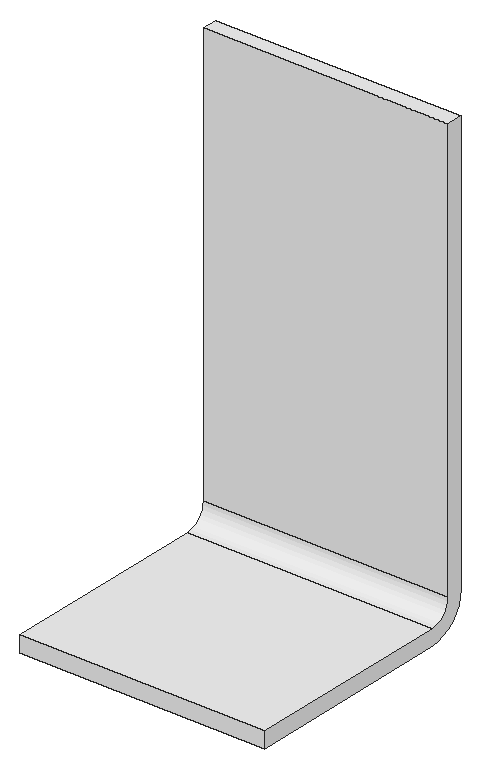
Revit family "JOMA_403, 404 & 405", category Structural Connections, host Face, Revit 2012
Parameters (values of type "4030000")
  t = 3.000 mm
  l = 48.000 mm
  h = 90.000 mm
  b = 48.000 mm
  Vinkelbeslag 405 = no
  Vinkelbeslag 404 = no
  Vinkelbeslag 403 = yes
  Vikt = "0,132"
  Typ = "VINKEL 403"
  Spikmönster Bult 45°≤α≤90° [instance] = no
  Spikmönster Bult 0°≤α≤45° [instance] = no
  Spikmönster 45°≤α≤90° [instance] = no
  Spikmönster 0°≤α≤45° [instance] = no
  Spik/skruv [instance] = "ANKARSPIK 4,0x40"
  Material = Varmförzinkad stålplåt
  Länk Joma Dimensioneringsverktyg = "http://www.joma.se/dimensioneringsverktyg"
  Default Elevation = 0.000 mm
  Bult (betong) [instance] = "BULT M12"
  Antal spik/skruv i virkesdel B [instance] = if(and(Spikmönster 0°≤α≤45°, Vinkelbeslag 403), 2, if(and(Spikmönster 45°≤α≤90°, Vinkelbeslag 403), 2, if(and(Spikmönster 0°≤α≤45°, Vinkelbeslag 404), 3, if(and(Spikmönster 45°≤α≤90°, Vinkelbeslag 404), 3, if(and(Spikmönster 0°≤α≤45°, Vinkelbeslag 405), 4, if(and(Spikmönster 45°≤α≤90°, Vinkelbeslag 405), 4, if(and(Spikmönster Bult 0°≤α≤45°, Vinkelbeslag 403), 1, if(and(Spikmönster Bult 45°≤α≤90°, Vinkelbeslag 403), 1, if(and(Spikmönster Bult 0°≤α≤45°, Vinkelbeslag 404), 1, if(and(Spikmönster Bult 45°≤α≤90°, Vinkelbeslag 404), 1, if(and(Spikmönster Bult 0°≤α≤45°, Vinkelbeslag 405), 1, if(and(Spikmönster Bult 45°≤α≤90°, Vinkelbeslag 405), 1, 0))))))))))))  # 0
  Antal spik/skruv i virkesdel A [instance] = if(and(Spikmönster 0°≤α≤45°, Vinkelbeslag 403), 4, if(and(Spikmönster 45°≤α≤90°, Vinkelbeslag 403), 2, if(and(Spikmönster 0°≤α≤45°, Vinkelbeslag 404), 6, if(and(Spikmönster 45°≤α≤90°, Vinkelbeslag 404), 4, if(and(Spikmönster 0°≤α≤45°, Vinkelbeslag 405), 10, if(and(Spikmönster 45°≤α≤90°, Vinkelbeslag 405), 6, if(and(Spikmönster Bult 0°≤α≤45°, Vinkelbeslag 403), 4, if(and(Spikmönster Bult 45°≤α≤90°, Vinkelbeslag 403), 2, if(and(Spikmönster Bult 0°≤α≤45°, Vinkelbeslag 404), 6, if(and(Spikmönster Bult 45°≤α≤90°, Vinkelbeslag 404), 4, if(and(Spikmönster Bult 0°≤α≤45°, Vinkelbeslag 405), 10, if(and(Spikmönster Bult 45°≤α≤90°, Vinkelbeslag 405), 6, 0))))))))))))  # 0
  405 Spikmönster Bult 45°≤α≤90° [instance] = and(Vinkelbeslag 405, Spikmönster Bult 45°≤α≤90°, not(or(Spikmönster 45°≤α≤90°, Spikmönster 0°≤α≤45°, Spikmönster Bult 0°≤α≤45°)))  # no
  405 Spikmönster Bult 0°≤α≤45° [instance] = and(Vinkelbeslag 405, Spikmönster Bult 0°≤α≤45°, not(or(Spikmönster 45°≤α≤90°, Spikmönster 0°≤α≤45°, Spikmönster Bult 45°≤α≤90°)))  # no
  405 Spikmönster 45°≤α≤90° [instance] = and(Vinkelbeslag 405, Spikmönster 45°≤α≤90°, not(or(Spikmönster 0°≤α≤45°, Spikmönster Bult 0°≤α≤45°, Spikmönster Bult 45°≤α≤90°)))  # no
  405 Spikmönster 0°≤α≤45° [instance] = and(Vinkelbeslag 405, Spikmönster 0°≤α≤45°, not(or(Spikmönster 45°≤α≤90°, Spikmönster Bult 0°≤α≤45°, Spikmönster Bult 45°≤α≤90°)))  # no
  404 Spikmönster Bult 45°≤α≤90° [instance] = and(Vinkelbeslag 404, Spikmönster Bult 45°≤α≤90°, not(or(Spikmönster 45°≤α≤90°, Spikmönster 0°≤α≤45°, Spikmönster Bult 0°≤α≤45°)))  # no
  404 Spikmönster Bult 0°≤α≤45° [instance] = and(Vinkelbeslag 404, Spikmönster Bult 0°≤α≤45°, not(or(Spikmönster 45°≤α≤90°, Spikmönster 0°≤α≤45°, Spikmönster Bult 45°≤α≤90°)))  # no
  404 Spikmönster 45°≤α≤90° [instance] = and(Vinkelbeslag 404, Spikmönster 45°≤α≤90°, not(or(Spikmönster 0°≤α≤45°, Spikmönster Bult 0°≤α≤45°, Spikmönster Bult 45°≤α≤90°)))  # no
  404 Spikmönster 0°≤α≤45° [instance] = and(Vinkelbeslag 404, Spikmönster 0°≤α≤45°, not(or(Spikmönster 45°≤α≤90°, Spikmönster Bult 0°≤α≤45°, Spikmönster Bult 45°≤α≤90°)))  # no
  403 Spikmönster Bult 45°≤α≤90° [instance] = and(Vinkelbeslag 403, Spikmönster Bult 45°≤α≤90°, not(or(Spikmönster 45°≤α≤90°, Spikmönster 0°≤α≤45°, Spikmönster Bult 0°≤α≤45°)))  # no
  403 Spikmönster Bult 0°≤α≤45° [instance] = and(Vinkelbeslag 403, Spikmönster Bult 0°≤α≤45°, not(or(Spikmönster 45°≤α≤90°, Spikmönster 0°≤α≤45°, Spikmönster Bult 45°≤α≤90°)))  # no
  403 Spikmönster 45°≤α≤90° [instance] = and(Vinkelbeslag 403, Spikmönster 45°≤α≤90°, not(or(Spikmönster 0°≤α≤45°, Spikmönster Bult 0°≤α≤45°, Spikmönster Bult 45°≤α≤90°)))  # no
  403 Spikmönster 0°≤α≤45° [instance] = and(Vinkelbeslag 403, Spikmönster 0°≤α≤45°, not(or(Spikmönster 45°≤α≤90°, Spikmönster Bult 0°≤α≤45°, Spikmönster Bult 45°≤α≤90°)))  # no
Types (3, lengths in mm): name | b | Vinkelbeslag 405 | Vinkelbeslag 404 | Vinkelbeslag 403 | Vikt | Typ
  4040000 | 76.000 | no | yes | no | "0,202" | "VINKEL 404"
  4030000 | 48.000 | no | no | yes | "0,132" | "VINKEL 403"
  4050000 | 116.000 | yes | no | no | "0,316" | "VINKEL 405"
Reference planes
  plane 1 "Center (Front/Back)": y = 0
  plane 2: z = 0
  plane 3 "Center (Left/Right)": x = 0
  plane 4: x = -24
  plane 5: x = 24
  plane 6: y = -48
  plane 7: z = 90
Forms (mm)
  Extrusion 1, solid, material "Varmförzinkad stålplåt" <- "Material"
    sketch origin (0, 0, 0) x (0, 1, 0) y (0, 0, 1)
      loop
        line (0, 90) -> (-3, 90) -> (-3, 6.843)
        arc (-3, 6.843) -> (-4.126, 4.126) -> (-6.843, 3) r 3.843
        line (-6.843, 3) -> (-48, 3) -> (-48, 0) -> (-6.843, 0)
        arc (-6.843, 0) -> (-2.004, 2.004) -> (0, 6.843) r 6.843
        line (0, 6.843) -> (0, 90)
    from -24 to 24
Lines and regions (mm)
  symbolic lines, visible <- "Vinkelbeslag 403"
    curve 1: circle (-16, 0, 82) r 2.5 normal (0, -1, 0)
    curve 2: circle (-16, 0, 62) r 2.5 normal (0, -1, 0)
    curve 3: circle (-16, 0, 42) r 2.5 normal (0, -1, 0)
    curve 4: circle (-16, 0, 22) r 2.5 normal (0, -1, 0)
    curve 5: circle (16, 0, 72) r 2.5 normal (0, -1, 0)
    curve 6: circle (16, 0, 52) r 2.5 normal (0, -1, 0)
    curve 7: circle (16, 0, 32) r 2.5 normal (0, -1, 0)
    curve 8: circle (0, 0, 66) r 6.5 normal (0, -1, 0)
    curve 9: circle (0, 0, 28) r 6.5 normal (0, -1, 0)
    curve 10: spline (6, 0, 3) -> (5.796, 0, 6.365) -> (5.196, 0, 9.5) -> (4.243, 0, 12.192) -> (3, 0, 14.258) -> (1.553, 0, 15.557) -> (0, 0, 16) -> (-1.553, 0, 15.557) -> (-3, 0, 14.258) -> (-4.243, 0, 12.192) -> (-5.196, 0, 9.5) -> (-5.796, 0, 6.365) -> (-6, 0, 3)
    curve 94: circle (-10, -40, 0) r 2.5 normal (0, 0, 1)
    curve 95: spline (6, -3, 0) -> (5.796, -6.365, 0) -> (5.196, -9.5, 0) -> (4.243, -12.192, 0) -> (3, -14.258, 0) -> (1.553, -15.557, 0) -> (0, -16, 0) -> (-1.553, -15.557, 0) -> (-3, -14.258, 0) -> (-4.243, -12.192, 0) -> (-5.196, -9.5, 0) -> (-5.796, -6.365, 0) -> (-6, -3, 0)
    curve 96: circle (-16, -23, 0) r 2.5 normal (0, 0, 1)
    curve 97: circle (10, -40, 0) r 2.5 normal (0, 0, -1)
    curve 98: circle (16, -23, 0) r 2.5 normal (0, 0, -1)
    curve 99: circle (0, -26, 0) r 6.5 normal (0, 0, 1)
  symbolic lines, visible <- "Vinkelbeslag 403", not visible
    curve 11: circle (-16, 0, 82) r 2.5 normal (0, -1, 0)
    curve 12: circle (-16, 0, 62) r 2.5 normal (0, -1, 0)
    curve 13: circle (-16, 0, 42) r 2.5 normal (0, -1, 0)
    curve 14: circle (-16, 0, 22) r 2.5 normal (0, -1, 0)
    curve 15: circle (16, 0, 72) r 2.5 normal (0, -1, 0)
    curve 16: circle (16, 0, 52) r 2.5 normal (0, -1, 0)
    curve 17: circle (16, 0, 32) r 2.5 normal (0, -1, 0)
    curve 18: circle (0, 0, 66) r 6.5 normal (0, -1, 0)
    curve 19: circle (0, 0, 28) r 6.5 normal (0, -1, 0)
    curve 20: spline (6, 0, 3) -> (5.796, 0, 6.365) -> (5.196, 0, 9.5) -> (4.243, 0, 12.192) -> (3, 0, 14.258) -> (1.553, 0, 15.557) -> (0, 0, 16) -> (-1.553, 0, 15.557) -> (-3, 0, 14.258) -> (-4.243, 0, 12.192) -> (-5.196, 0, 9.5) -> (-5.796, 0, 6.365) -> (-6, 0, 3)
    curve 100: circle (-10, -40, 0) r 2.5 normal (0, 0, 1)
    curve 101: spline (6, -3, 0) -> (5.796, -6.365, 0) -> (5.196, -9.5, 0) -> (4.243, -12.192, 0) -> (3, -14.258, 0) -> (1.553, -15.557, 0) -> (0, -16, 0) -> (-1.553, -15.557, 0) -> (-3, -14.258, 0) -> (-4.243, -12.192, 0) -> (-5.196, -9.5, 0) -> (-5.796, -6.365, 0) -> (-6, -3, 0)
    curve 102: circle (-16, -23, 0) r 2.5 normal (0, 0, 1)
    curve 103: circle (10, -40, 0) r 2.5 normal (0, 0, -1)
    curve 104: circle (16, -23, 0) r 2.5 normal (0, 0, -1)
    curve 105: circle (0, -26, 0) r 6.5 normal (0, 0, 1)
  symbolic lines, visible <- "Vinkelbeslag 405"
    curve 21: spline (40, 0, 3) -> (39.796, 0, 6.365) -> (39.196, 0, 9.5) -> (38.243, 0, 12.192) -> (37, 0, 14.258) -> (35.553, 0, 15.557) -> (34, 0, 16) -> (32.447, 0, 15.557) -> (31, 0, 14.258) -> (29.757, 0, 12.192) -> (28.804, 0, 9.5) -> (28.204, 0, 6.365) -> (28, 0, 3)
    curve 50: circle (-50, 0, 82) r 2.5 normal (0, -1, 0)
    curve 51: circle (-50, 0, 62) r 2.5 normal (0, -1, 0)
    curve 52: circle (-50, 0, 42) r 2.5 normal (0, -1, 0)
    curve 53: circle (-50, 0, 22) r 2.5 normal (0, -1, 0)
    curve 54: circle (50, 0, 72) r 2.5 normal (0, 1, 0)
    curve 55: circle (50, 0, 52) r 2.5 normal (0, 1, 0)
    curve 56: circle (50, 0, 32) r 2.5 normal (0, 1, 0)
    curve 57: circle (-10, 0, 82) r 2.5 normal (0, -1, 0)
    curve 58: circle (-18, 0, 72) r 2.5 normal (0, -1, 0)
    curve 59: circle (-18, 0, 52) r 2.5 normal (0, -1, 0)
    curve 60: circle (-18, 0, 32) r 2.5 normal (0, -1, 0)
    curve 61: circle (-34, 0, 52) r 2.5 normal (0, -1, 0)
    curve 62: circle (-34, 0, 40) r 2.5 normal (0, -1, 0)
    curve 63: circle (34, 0, 82) r 2.5 normal (0, -1, 0)
    curve 64: circle (20, 0, 72) r 2.5 normal (0, 1, 0)
    curve 65: circle (20, 0, 52) r 2.5 normal (0, 1, 0)
    curve 66: circle (34, 0, 32) r 2.5 normal (0, 1, 0)
    curve 67: circle (10, 0, 34) r 2.5 normal (0, 1, 0)
    curve 68: circle (-34, 0, 66) r 6.5 normal (0, -1, 0)
    curve 69: circle (0, 0, 42) r 6.5 normal (0, -1, 0)
    curve 70: spline (-28, 0, 3) -> (-28.204, 0, 6.365) -> (-28.804, 0, 9.5) -> (-29.757, 0, 12.192) -> (-31, 0, 14.258) -> (-32.447, 0, 15.557) -> (-34, 0, 16) -> (-35.553, 0, 15.557) -> (-37, 0, 14.258) -> (-38.243, 0, 12.192) -> (-39.196, 0, 9.5) -> (-39.796, 0, 6.365) -> (-40, 0, 3)
    curve 108: spline (28, -3, 0) -> (28.204, -6.365, 0) -> (28.804, -9.5, 0) -> (29.757, -12.192, 0) -> (31, -14.258, 0) -> (32.447, -15.557, 0) -> (34, -16, 0) -> (35.553, -15.557, 0) -> (37, -14.258, 0) -> (38.243, -12.192, 0) -> (39.196, -9.5, 0) -> (39.796, -6.365, 0) -> (40, -3, 0)
    curve 124: spline (-40, -3, 0) -> (-39.796, -6.365, 0) -> (-39.196, -9.5, 0) -> (-38.243, -12.192, 0) -> (-37, -14.258, 0) -> (-35.553, -15.557, 0) -> (-34, -16, 0) -> (-32.447, -15.557, 0) -> (-31, -14.258, 0) -> (-29.757, -12.192, 0) -> (-28.804, -9.5, 0) -> (-28.204, -6.365, 0) -> (-28, -3, 0)
    curve 125: circle (-44, -40, 0) r 2.5 normal (0, 0, 1)
    curve 126: circle (34, -26, 0) r 6.5 normal (0, 0, 1)
    curve 127: circle (-10, -40, 0) r 2.5 normal (0, 0, 1)
    curve 128: circle (34, -40, 0) r 2.5 normal (0, 0, 1)
    curve 129: circle (-50, -23, 0) r 2.5 normal (0, 0, 1)
    curve 130: circle (-18, -23, 0) r 2.5 normal (0, 0, 1)
    curve 131: circle (20, -23, 0) r 2.5 normal (0, 0, 1)
    curve 132: circle (50, -23, 0) r 2.5 normal (0, 0, 1)
    curve 133: circle (-34, -26, 0) r 6.5 normal (0, 0, 1)
    curve 134: circle (0, -19, 0) r 6.5 normal (0, 0, 1)
    curve 147: circle (34, 0, 66) r 6.5 normal (0, -1, 0)
  symbolic lines, visible <- "Vinkelbeslag 404"
    curve 22: circle (-30, 0, 82) r 2.5 normal (0, -1, 0)
    curve 23: circle (-30, 0, 58) r 2.5 normal (0, -1, 0)
    curve 24: circle (-30, 0, 22) r 2.5 normal (0, -1, 0)
    curve 25: circle (14, 0, 82) r 2.5 normal (0, -1, 0)
    curve 26: circle (30, 0, 72) r 2.5 normal (0, -1, 0)
    curve 27: circle (30, 0, 52) r 2.5 normal (0, -1, 0)
    curve 28: circle (30, 0, 32) r 2.5 normal (0, -1, 0)
    curve 29: circle (14, 0, 32) r 2.5 normal (0, -1, 0)
    curve 30: circle (0, 0, 52) r 2.5 normal (0, -1, 0)
    curve 31: circle (-10, 0, 34) r 2.5 normal (0, -1, 0)
    curve 32: circle (14, 0, 66) r 6.5 normal (0, -1, 0)
    curve 33: circle (-20, 0, 66) r 6.5 normal (0, -1, 0)
    curve 34: circle (0, 0, 28) r 6.5 normal (0, -1, 0)
    curve 35: spline (20, 0, 3) -> (19.796, 0, 6.365) -> (19.196, 0, 9.5) -> (18.243, 0, 12.192) -> (17, 0, 14.258) -> (15.553, 0, 15.557) -> (14, 0, 16) -> (12.447, 0, 15.557) -> (11, 0, 14.258) -> (9.757, 0, 12.192) -> (8.804, 0, 9.5) -> (8.204, 0, 6.365) -> (8, 0, 3)
    curve 93: spline (8, -3, 0) -> (8.204, -6.365, 0) -> (8.804, -9.5, 0) -> (9.757, -12.192, 0) -> (11, -14.258, 0) -> (12.447, -15.557, 0) -> (14, -16, 0) -> (15.553, -15.557, 0) -> (17, -14.258, 0) -> (18.243, -12.192, 0) -> (19.196, -9.5, 0) -> (19.796, -6.365, 0) -> (20, -3, 0)
    curve 106: circle (-30, -40, 0) r 2.5 normal (0, 0, 1)
    curve 107: circle (14, -26, 0) r 6.5 normal (0, 0, 1)
    curve 109: circle (-10, -40, 0) r 2.5 normal (0, 0, 1)
    curve 110: circle (14, -40, 0) r 2.5 normal (0, 0, 1)
    curve 111: circle (30, -23, 0) r 2.5 normal (0, 0, 1)
    curve 112: circle (0, -23, 0) r 2.5 normal (0, 0, 1)
    curve 113: circle (-30, -14, 0) r 2.5 normal (0, 0, 1)
    curve 114: circle (-20, -19, 0) r 6.5 normal (0, 0, 1)
  symbolic lines, visible <- "Vinkelbeslag 404", not visible
    curve 36: circle (-30, 0, 82) r 2.5 normal (0, -1, 0)
    curve 37: circle (-30, 0, 58) r 2.5 normal (0, -1, 0)
    curve 38: circle (-30, 0, 22) r 2.5 normal (0, -1, 0)
    curve 39: circle (14, 0, 82) r 2.5 normal (0, -1, 0)
    curve 40: circle (30, 0, 72) r 2.5 normal (0, -1, 0)
    curve 41: circle (30, 0, 52) r 2.5 normal (0, -1, 0)
    curve 42: circle (30, 0, 32) r 2.5 normal (0, -1, 0)
    curve 43: circle (14, 0, 32) r 2.5 normal (0, -1, 0)
    curve 44: circle (0, 0, 52) r 2.5 normal (0, -1, 0)
    curve 45: circle (-10, 0, 34) r 2.5 normal (0, -1, 0)
    curve 46: circle (14, 0, 66) r 6.5 normal (0, -1, 0)
    curve 47: circle (-20, 0, 66) r 6.5 normal (0, -1, 0)
    curve 48: circle (0, 0, 28) r 6.5 normal (0, -1, 0)
    curve 49: spline (20, 0, 3) -> (19.796, 0, 6.365) -> (19.196, 0, 9.5) -> (18.243, 0, 12.192) -> (17, 0, 14.258) -> (15.553, 0, 15.557) -> (14, 0, 16) -> (12.447, 0, 15.557) -> (11, 0, 14.258) -> (9.757, 0, 12.192) -> (8.804, 0, 9.5) -> (8.204, 0, 6.365) -> (8, 0, 3)
    curve 115: spline (8, -3, 0) -> (8.204, -6.365, 0) -> (8.804, -9.5, 0) -> (9.757, -12.192, 0) -> (11, -14.258, 0) -> (12.447, -15.557, 0) -> (14, -16, 0) -> (15.553, -15.557, 0) -> (17, -14.258, 0) -> (18.243, -12.192, 0) -> (19.196, -9.5, 0) -> (19.796, -6.365, 0) -> (20, -3, 0)
    curve 116: circle (-30, -40, 0) r 2.5 normal (0, 0, 1)
    curve 117: circle (14, -26, 0) r 6.5 normal (0, 0, 1)
    curve 118: circle (-10, -40, 0) r 2.5 normal (0, 0, 1)
    curve 119: circle (14, -40, 0) r 2.5 normal (0, 0, 1)
    curve 120: circle (30, -23, 0) r 2.5 normal (0, 0, 1)
    curve 121: circle (0, -23, 0) r 2.5 normal (0, 0, 1)
    curve 122: circle (-30, -14, 0) r 2.5 normal (0, 0, 1)
    curve 123: circle (-20, -19, 0) r 6.5 normal (0, 0, 1)
  symbolic lines, visible <- "Vinkelbeslag 405", not visible
    curve 71: spline (40, 0, 3) -> (39.796, 0, 6.365) -> (39.196, 0, 9.5) -> (38.243, 0, 12.192) -> (37, 0, 14.258) -> (35.553, 0, 15.557) -> (34, 0, 16) -> (32.447, 0, 15.557) -> (31, 0, 14.258) -> (29.757, 0, 12.192) -> (28.804, 0, 9.5) -> (28.204, 0, 6.365) -> (28, 0, 3)
    curve 72: circle (-50, 0, 82) r 2.5 normal (0, -1, 0)
    curve 73: circle (-50, 0, 62) r 2.5 normal (0, -1, 0)
    curve 74: circle (-50, 0, 42) r 2.5 normal (0, -1, 0)
    curve 75: circle (-50, 0, 22) r 2.5 normal (0, -1, 0)
    curve 76: circle (50, 0, 72) r 2.5 normal (0, 1, 0)
    curve 77: circle (50, 0, 52) r 2.5 normal (0, 1, 0)
    curve 78: circle (50, 0, 32) r 2.5 normal (0, 1, 0)
    curve 79: circle (-10, 0, 82) r 2.5 normal (0, -1, 0)
    curve 80: circle (-18, 0, 72) r 2.5 normal (0, -1, 0)
    curve 81: circle (-18, 0, 52) r 2.5 normal (0, -1, 0)
    curve 82: circle (-18, 0, 32) r 2.5 normal (0, -1, 0)
    curve 83: circle (-34, 0, 52) r 2.5 normal (0, -1, 0)
    curve 84: circle (-34, 0, 40) r 2.5 normal (0, -1, 0)
    curve 85: circle (34, 0, 82) r 2.5 normal (0, -1, 0)
    curve 86: circle (20, 0, 72) r 2.5 normal (0, 1, 0)
    curve 87: circle (20, 0, 52) r 2.5 normal (0, 1, 0)
    curve 88: circle (34, 0, 32) r 2.5 normal (0, 1, 0)
    curve 89: circle (10, 0, 34) r 2.5 normal (0, 1, 0)
    curve 90: circle (-34, 0, 66) r 6.5 normal (0, -1, 0)
    curve 91: circle (0, 0, 42) r 6.5 normal (0, -1, 0)
    curve 92: spline (-28, 0, 3) -> (-28.204, 0, 6.365) -> (-28.804, 0, 9.5) -> (-29.757, 0, 12.192) -> (-31, 0, 14.258) -> (-32.447, 0, 15.557) -> (-34, 0, 16) -> (-35.553, 0, 15.557) -> (-37, 0, 14.258) -> (-38.243, 0, 12.192) -> (-39.196, 0, 9.5) -> (-39.796, 0, 6.365) -> (-40, 0, 3)
    curve 135: spline (28, -3, 0) -> (28.204, -6.365, 0) -> (28.804, -9.5, 0) -> (29.757, -12.192, 0) -> (31, -14.258, 0) -> (32.447, -15.557, 0) -> (34, -16, 0) -> (35.553, -15.557, 0) -> (37, -14.258, 0) -> (38.243, -12.192, 0) -> (39.196, -9.5, 0) -> (39.796, -6.365, 0) -> (40, -3, 0)
    curve 136: spline (-40, -3, 0) -> (-39.796, -6.365, 0) -> (-39.196, -9.5, 0) -> (-38.243, -12.192, 0) -> (-37, -14.258, 0) -> (-35.553, -15.557, 0) -> (-34, -16, 0) -> (-32.447, -15.557, 0) -> (-31, -14.258, 0) -> (-29.757, -12.192, 0) -> (-28.804, -9.5, 0) -> (-28.204, -6.365, 0) -> (-28, -3, 0)
    curve 137: circle (-44, -40, 0) r 2.5 normal (0, 0, 1)
    curve 138: circle (34, -26, 0) r 6.5 normal (0, 0, 1)
    curve 139: circle (-10, -40, 0) r 2.5 normal (0, 0, 1)
    curve 140: circle (34, -40, 0) r 2.5 normal (0, 0, 1)
    curve 141: circle (-50, -23, 0) r 2.5 normal (0, 0, 1)
    curve 142: circle (-18, -23, 0) r 2.5 normal (0, 0, 1)
    curve 143: circle (20, -23, 0) r 2.5 normal (0, 0, 1)
    curve 144: circle (50, -23, 0) r 2.5 normal (0, 0, 1)
    curve 145: circle (-34, -26, 0) r 6.5 normal (0, 0, 1)
    curve 146: circle (0, -19, 0) r 6.5 normal (0, 0, 1)
    curve 148: circle (34, 0, 66) r 6.5 normal (0, -1, 0)
  symbolic lines
    curve 149: line (0, -16, 3) -> (0, -6.939, 4.452)
    curve 150: arc (0, -4.452, 6.939) -> (0, -5.293, 5.293) -> (0, -6.939, 4.452) r 3
    curve 151: line (0, -3, 16) -> (0, -4.452, 6.939)
  symbolic lines, not visible
    curve 152: line (0, -16, 3) -> (0, -6.939, 4.452)
    curve 153: arc (0, -4.452, 6.939) -> (0, -5.293, 5.293) -> (0, -6.939, 4.452) r 3
    curve 154: line (0, -3, 16) -> (0, -4.452, 6.939)
Text (mm)
  text "Virkesdel A" at (121.132, 0, 57.479), in view "Front"
  text "Virkesdel B/Betong" at (130.986, -7.984, 0), in view "Ref. Level"
Dimensions and locks
  "b": plane 5 to plane 4
  "l": plane 1 "Center (Front/Back)" to plane 6
  "h": plane 7 to host face
  equal spacing: plane 5, plane 3 "Center (Left/Right)", plane 4
  "t": plane 1 "Center (Front/Back)" to Extrusion 1
  "t": Extrusion 1 to host face
  aligned and locked: plane 2 to host face
  aligned and locked: level to host face
  aligned and locked: plane 5 to Extrusion 1
  aligned and locked: Extrusion 1 to plane 4
  aligned and locked: Extrusion 1 to plane 6
  aligned and locked: plane 7 to Extrusion 1
Automatic sketch dimensions
  host sketch curve to host sketch curve = 2438.400 mm  (x2)
  Extrusion 1 sketch curve to plane 6 = 0.000 mm
  Extrusion 1 sketch curve to level = 0.000 mm
  Extrusion 1 sketch curve to plane 7 = 0.000 mm
  plane 1 "Center (Front/Back)" to Extrusion 1 sketch curve = 6.843 mm
  Extrusion 1 sketch curve to Extrusion 1 sketch curve = 0.000 mm
  plane 1 "Center (Front/Back)" to Extrusion 1 sketch curve = 3.000 mm
  Extrusion 1 sketch curve to plane 1 "Center (Front/Back)" = 0.000 mm
  level to Extrusion 1 sketch curve = 3.000 mm
  curve 50 to curve 53 = 0.000 mm
  curve 50 to curve 51 = 0.000 mm
  curve 51 to curve 52 = 0.000 mm
  curve 53 to curve 70 = 10.000 mm
  curve 52 to curve 61 = 16.000 mm
  curve 61 to curve 62 = 0.000 mm
  curve 68 to curve 61 = 0.000 mm
  curve 70 to curve 70 = 6.000 mm
  curve 62 to curve 60 = 16.000 mm
  curve 68 to curve 58 = 16.000 mm
  curve 61 to curve 59 = 16.000 mm
  curve 58 to curve 57 = 8.000 mm
  curve 60 to curve 69 = 18.000 mm
  curve 69 to curve 67 = 10.000 mm
  curve 67 to curve 65 = 10.000 mm
  curve 64 to curve 65 = 0.000 mm
  curve 67 to curve 21 = 18.000 mm
  curve 67 to curve 66 = 24.000 mm
  curve 21 to curve 21 = 6.000 mm
  curve 64 to curve 63 = 14.000 mm
  curve 54 to curve 55 = 0.000 mm
  curve 66 to curve 56 = 16.000 mm
  curve 70 to curve 21 = 0.000 mm
  curve 21 to curve 21 = 13.000 mm
  curve 70 to curve 70 = 13.000 mm
  curve 70 to curve 53 = 19.000 mm
  curve 21 to curve 66 = 29.000 mm
  curve 56 to curve 66 = 0.000 mm
  curve 70 to curve 60 = 29.000 mm
  curve 66 to curve 67 = 2.000 mm
  curve 60 to curve 62 = 8.000 mm
  curve 62 to curve 52 = 2.000 mm
  curve 67 to curve 69 = 8.000 mm
  curve 56 to curve 55 = 20.000 mm
  curve 62 to curve 59 = 12.000 mm
  curve 67 to curve 65 = 18.000 mm
  curve 62 to curve 61 = 12.000 mm
  curve 61 to curve 51 = 10.000 mm
  curve 61 to curve 68 = 14.000 mm
  curve 68 to curve 58 = 6.000 mm
  curve 51 to curve 50 = 20.000 mm
  curve 58 to curve 57 = 10.000 mm
  curve 72 to curve 75 = 0.000 mm
  curve 72 to curve 73 = 0.000 mm
  curve 73 to curve 74 = 0.000 mm
  curve 75 to curve 92 = 10.000 mm
  curve 74 to curve 83 = 16.000 mm
  curve 83 to curve 84 = 0.000 mm
  curve 90 to curve 83 = 0.000 mm
  curve 92 to curve 92 = 6.000 mm
  curve 84 to curve 82 = 16.000 mm
  curve 90 to curve 80 = 16.000 mm
  curve 83 to curve 81 = 16.000 mm
  curve 80 to curve 79 = 8.000 mm
  curve 82 to curve 91 = 18.000 mm
  curve 91 to curve 89 = 10.000 mm
  curve 89 to curve 87 = 10.000 mm
  curve 86 to curve 87 = 0.000 mm
  curve 89 to curve 71 = 18.000 mm
  curve 89 to curve 88 = 24.000 mm
  curve 71 to curve 71 = 6.000 mm
  curve 86 to curve 85 = 14.000 mm
  curve 76 to curve 77 = 0.000 mm
  curve 88 to curve 78 = 16.000 mm
  curve 92 to curve 71 = 0.000 mm
  curve 71 to curve 71 = 13.000 mm
  curve 92 to curve 92 = 13.000 mm
  curve 92 to curve 75 = 19.000 mm
  curve 71 to curve 88 = 29.000 mm
  curve 78 to curve 88 = 0.000 mm
  curve 92 to curve 82 = 29.000 mm
  curve 88 to curve 89 = 2.000 mm
  curve 82 to curve 84 = 8.000 mm
  curve 84 to curve 74 = 2.000 mm
  curve 89 to curve 91 = 8.000 mm
  curve 78 to curve 77 = 20.000 mm
  curve 84 to curve 81 = 12.000 mm
  curve 89 to curve 87 = 18.000 mm
  curve 84 to curve 83 = 12.000 mm
  curve 83 to curve 73 = 10.000 mm
  curve 83 to curve 90 = 14.000 mm
  curve 90 to curve 80 = 6.000 mm
  curve 73 to curve 72 = 20.000 mm
  curve 80 to curve 79 = 10.000 mm
  curve 55 to curve 56 = 0.000 mm
  curve 65 to curve 64 = 20.000 mm
  curve 55 to curve 54 = 20.000 mm
  curve 64 to curve 63 = 10.000 mm
  curve 77 to curve 78 = 0.000 mm
  curve 87 to curve 86 = 20.000 mm
  curve 77 to curve 76 = 20.000 mm
  curve 86 to curve 85 = 10.000 mm
  radius of curve 50 = 2.500 mm
  radius of curve 51 = 2.500 mm
  radius of curve 52 = 2.500 mm
  radius of curve 53 = 2.500 mm
  radius of curve 54 = 2.500 mm
  radius of curve 55 = 2.500 mm
  radius of curve 56 = 2.500 mm
  radius of curve 57 = 2.500 mm
  radius of curve 58 = 2.500 mm
  radius of curve 59 = 2.500 mm
  radius of curve 60 = 2.500 mm
  radius of curve 61 = 2.500 mm
  radius of curve 62 = 2.500 mm
  radius of curve 63 = 2.500 mm
  radius of curve 64 = 2.500 mm
  radius of curve 65 = 2.500 mm
  radius of curve 66 = 2.500 mm
  radius of curve 67 = 2.500 mm
  radius of curve 68 = 6.500 mm
  radius of curve 69 = 6.500 mm
  radius of curve 72 = 2.500 mm
  radius of curve 73 = 2.500 mm
  radius of curve 74 = 2.500 mm
  radius of curve 75 = 2.500 mm
  radius of curve 76 = 2.500 mm
  radius of curve 77 = 2.500 mm
  radius of curve 78 = 2.500 mm
  radius of curve 79 = 2.500 mm
  radius of curve 80 = 2.500 mm
  radius of curve 81 = 2.500 mm
  radius of curve 82 = 2.500 mm
  radius of curve 83 = 2.500 mm
  radius of curve 84 = 2.500 mm
  radius of curve 85 = 2.500 mm
  radius of curve 86 = 2.500 mm
  radius of curve 87 = 2.500 mm
  radius of curve 88 = 2.500 mm
  radius of curve 89 = 2.500 mm
  radius of curve 90 = 6.500 mm
  radius of curve 91 = 6.500 mm
  radius of curve 147 = 6.500 mm
  radius of curve 148 = 6.500 mm
Nested families
  nested 1: "Spikmönster" at (-16, -23, 0), visible <- "403 Spikmönster 0°≤α≤45°", type "Ø5"
  nested 2: "Spikmönster" at (16, -23, 0), visible <- "403 Spikmönster 0°≤α≤45°", type "Ø5"
  nested 3: "Spikmönster" at (-16, -23, 0), visible <- "403 Spikmönster 45°≤α≤90°", type "Ø5"
  nested 4: "Spikmönster" at (16, -23, 0), visible <- "403 Spikmönster 45°≤α≤90°", type "Ø5"
  nested 5: "Spikmönster" at (-30, -14, 0), visible <- "404 Spikmönster 0°≤α≤45°", type "Ø5"
  nested 6: "Spikmönster" at (0, -23, 0), visible <- "404 Spikmönster 0°≤α≤45°", type "Ø5"
  nested 7: "Spikmönster" at (30, -23, 0), visible <- "404 Spikmönster 0°≤α≤45°", type "Ø5"
  nested 8: "Spikmönster" at (-30, -14, 0), visible <- "404 Spikmönster 45°≤α≤90°", type "Ø5"
  nested 9: "Spikmönster" at (0, -23, 0), visible <- "404 Spikmönster 45°≤α≤90°", type "Ø5"
  nested 10: "Spikmönster" at (30, -23, 0), visible <- "404 Spikmönster 45°≤α≤90°", type "Ø5"
  nested 11: "Spikmönster" at (-50, -23, 0), visible <- "405 Spikmönster 0°≤α≤45°", type "Ø5"
  nested 12: "Spikmönster" at (-18, -23, 0), visible <- "405 Spikmönster 0°≤α≤45°", type "Ø5"
  nested 13: "Spikmönster" at (20, -23, 0), visible <- "405 Spikmönster 0°≤α≤45°", type "Ø5"
  nested 14: "Spikmönster" at (50, -23, 0), visible <- "405 Spikmönster 0°≤α≤45°", type "Ø5"
  nested 15: "Spikmönster" at (-50, -23, 0), visible <- "405 Spikmönster 45°≤α≤90°", type "Ø5"
  nested 16: "Spikmönster" at (-18, -23, 0), visible <- "405 Spikmönster 45°≤α≤90°", type "Ø5"
  nested 17: "Spikmönster" at (20, -23, 0), visible <- "405 Spikmönster 45°≤α≤90°", type "Ø5"
  nested 18: "Spikmönster" at (50, -23, 0), visible <- "405 Spikmönster 45°≤α≤90°", type "Ø5"
  nested 19: "Spikmönster" at (0, -26, 0), visible <- "403 Spikmönster Bult 0°≤α≤45°", type "Ø13"
  nested 20: "Spikmönster" at (0, -26, 0), visible <- "403 Spikmönster Bult 45°≤α≤90°", type "Ø13"
  nested 21: "Spikmönster" at (14, -26, 0), visible <- "404 Spikmönster Bult 0°≤α≤45°", type "Ø13"
  nested 22: "Spikmönster" at (14, -26, 0), visible <- "404 Spikmönster Bult 45°≤α≤90°", type "Ø13"
  nested 23: "Spikmönster" at (0, -19, 0), visible <- "405 Spikmönster Bult 0°≤α≤45°", type "Ø13"
  nested 24: "Spikmönster" at (0, -19, 0), visible <- "405 Spikmönster Bult 45°≤α≤90°", type "Ø13"
  nested 25: "Spikmönster" at (-16, -23, 0), visible <- "403 Spikmönster 0°≤α≤45°", type "Ø5", not visible
  nested 26: "Spikmönster" at (16, -23, 0), visible <- "403 Spikmönster 0°≤α≤45°", type "Ø5", not visible
  nested 27: "Spikmönster" at (-16, -23, 0), visible <- "403 Spikmönster 45°≤α≤90°", type "Ø5", not visible
  nested 28: "Spikmönster" at (16, -23, 0), visible <- "403 Spikmönster 45°≤α≤90°", type "Ø5", not visible
  nested 29: "Spikmönster" at (0, -26, 0), visible <- "403 Spikmönster Bult 0°≤α≤45°", type "Ø13", not visible
  nested 30: "Spikmönster" at (0, -26, 0), visible <- "403 Spikmönster Bult 45°≤α≤90°", type "Ø13", not visible
  nested 31: "Spikmönster" at (-30, -14, 0), visible <- "404 Spikmönster 0°≤α≤45°", type "Ø5", not visible
  nested 32: "Spikmönster" at (0, -23, 0), visible <- "404 Spikmönster 0°≤α≤45°", type "Ø5", not visible
  nested 33: "Spikmönster" at (30, -23, 0), visible <- "404 Spikmönster 0°≤α≤45°", type "Ø5", not visible
  nested 34: "Spikmönster" at (-30, -14, 0), visible <- "404 Spikmönster 45°≤α≤90°", type "Ø5", not visible
  nested 35: "Spikmönster" at (0, -23, 0), visible <- "404 Spikmönster 45°≤α≤90°", type "Ø5", not visible
  nested 36: "Spikmönster" at (30, -23, 0), visible <- "404 Spikmönster 45°≤α≤90°", type "Ø5", not visible
  nested 37: "Spikmönster" at (14, -26, 0), visible <- "404 Spikmönster Bult 0°≤α≤45°", type "Ø13", not visible
  nested 38: "Spikmönster" at (14, -26, 0), visible <- "404 Spikmönster Bult 45°≤α≤90°", type "Ø13", not visible
  nested 39: "Spikmönster" at (-50, -23, 0), visible <- "405 Spikmönster 0°≤α≤45°", type "Ø5", not visible
  nested 40: "Spikmönster" at (-18, -23, 0), visible <- "405 Spikmönster 0°≤α≤45°", type "Ø5", not visible
  nested 41: "Spikmönster" at (20, -23, 0), visible <- "405 Spikmönster 0°≤α≤45°", type "Ø5", not visible
  nested 42: "Spikmönster" at (50, -23, 0), visible <- "405 Spikmönster 0°≤α≤45°", type "Ø5", not visible
  nested 43: "Spikmönster" at (-50, -23, 0), visible <- "405 Spikmönster 45°≤α≤90°", type "Ø5", not visible
  nested 44: "Spikmönster" at (-18, -23, 0), visible <- "405 Spikmönster 45°≤α≤90°", type "Ø5", not visible
  nested 45: "Spikmönster" at (20, -23, 0), visible <- "405 Spikmönster 45°≤α≤90°", type "Ø5", not visible
  nested 46: "Spikmönster" at (50, -23, 0), visible <- "405 Spikmönster 45°≤α≤90°", type "Ø5", not visible
  nested 47: "Spikmönster" at (0, -19, 0), visible <- "405 Spikmönster Bult 0°≤α≤45°", type "Ø13", not visible
  nested 48: "Spikmönster" at (0, -19, 0), visible <- "405 Spikmönster Bult 45°≤α≤90°", type "Ø13", not visible
  nested 49: "Spikmönster" at (-16, 0, 82) x (1, 0, 0) z (0, -1, 0), visible <- "403 Spikmönster 0°≤α≤45°", type "Ø5"
  nested 50: "Spikmönster" at (-16, 0, 42) x (1, 0, 0) z (0, -1, 0), visible <- "403 Spikmönster 0°≤α≤45°", type "Ø5"
  nested 51: "Spikmönster" at (16, 0, 72) x (1, 0, 0) z (0, -1, 0), visible <- "403 Spikmönster 0°≤α≤45°", type "Ø5"
  nested 52: "Spikmönster" at (16, 0, 32) x (1, 0, 0) z (0, -1, 0), visible <- "403 Spikmönster 0°≤α≤45°", type "Ø5"
  nested 53: "Spikmönster" at (16, 0, 72) x (1, 0, 0) z (0, -1, 0), visible <- "403 Spikmönster 45°≤α≤90°", type "Ø5"
  nested 54: "Spikmönster" at (-16, 0, 62) x (1, 0, 0) z (0, -1, 0), visible <- "403 Spikmönster 45°≤α≤90°", type "Ø5"
  nested 55: "Spikmönster" at (-16, 0, 82) x (1, 0, 0) z (0, -1, 0), visible <- "403 Spikmönster Bult 0°≤α≤45°", type "Ø5"
  nested 56: "Spikmönster" at (16, 0, 72) x (1, 0, 0) z (0, -1, 0), visible <- "403 Spikmönster Bult 0°≤α≤45°", type "Ø5"
  nested 57: "Spikmönster" at (-16, 0, 42) x (1, 0, 0) z (0, -1, 0), visible <- "403 Spikmönster Bult 0°≤α≤45°", type "Ø5"
  nested 58: "Spikmönster" at (16, 0, 32) x (1, 0, 0) z (0, -1, 0), visible <- "403 Spikmönster Bult 0°≤α≤45°", type "Ø5"
  nested 59: "Spikmönster" at (16, 0, 72) x (1, 0, 0) z (0, -1, 0), visible <- "403 Spikmönster Bult 45°≤α≤90°", type "Ø5"
  nested 60: "Spikmönster" at (-16, 0, 62) x (1, 0, 0) z (0, -1, 0), visible <- "403 Spikmönster Bult 45°≤α≤90°", type "Ø5"
  nested 61: "Spikmönster" at (-16, 0, 82) x (1, 0, 0) z (0, -1, 0), visible <- "403 Spikmönster 0°≤α≤45°", type "Ø5", not visible
  nested 62: "Spikmönster" at (-16, 0, 42) x (1, 0, 0) z (0, -1, 0), visible <- "403 Spikmönster 0°≤α≤45°", type "Ø5", not visible
  nested 63: "Spikmönster" at (16, 0, 72) x (1, 0, 0) z (0, -1, 0), visible <- "403 Spikmönster 0°≤α≤45°", type "Ø5", not visible
  nested 64: "Spikmönster" at (16, 0, 32) x (1, 0, 0) z (0, -1, 0), visible <- "403 Spikmönster 0°≤α≤45°", type "Ø5", not visible
  nested 65: "Spikmönster" at (16, 0, 72) x (1, 0, 0) z (0, -1, 0), visible <- "403 Spikmönster 45°≤α≤90°", type "Ø5", not visible
  nested 66: "Spikmönster" at (-16, 0, 62) x (1, 0, 0) z (0, -1, 0), visible <- "403 Spikmönster 45°≤α≤90°", type "Ø5", not visible
  nested 67: "Spikmönster" at (-16, 0, 82) x (1, 0, 0) z (0, -1, 0), visible <- "403 Spikmönster Bult 0°≤α≤45°", type "Ø5", not visible
  nested 68: "Spikmönster" at (16, 0, 72) x (1, 0, 0) z (0, -1, 0), visible <- "403 Spikmönster Bult 0°≤α≤45°", type "Ø5", not visible
  nested 69: "Spikmönster" at (-16, 0, 42) x (1, 0, 0) z (0, -1, 0), visible <- "403 Spikmönster Bult 0°≤α≤45°", type "Ø5", not visible
  nested 70: "Spikmönster" at (16, 0, 32) x (1, 0, 0) z (0, -1, 0), visible <- "403 Spikmönster Bult 0°≤α≤45°", type "Ø5", not visible
  nested 71: "Spikmönster" at (16, 0, 72) x (1, 0, 0) z (0, -1, 0), visible <- "403 Spikmönster Bult 45°≤α≤90°", type "Ø5", not visible
  nested 72: "Spikmönster" at (-16, 0, 62) x (1, 0, 0) z (0, -1, 0), visible <- "403 Spikmönster Bult 45°≤α≤90°", type "Ø5", not visible
  nested 73: "Spikmönster" at (-30, 0, 82) x (1, 0, 0) z (0, -1, 0), visible <- "404 Spikmönster 0°≤α≤45°", type "Ø5"
  nested 74: "Spikmönster" at (-30, 0, 58) x (1, 0, 0) z (0, -1, 0), visible <- "404 Spikmönster 0°≤α≤45°", type "Ø5"
  nested 75: "Spikmönster" at (-10, 0, 34) x (1, 0, 0) z (0, -1, 0), visible <- "404 Spikmönster 0°≤α≤45°", type "Ø5"
  nested 76: "Spikmönster" at (30, 0, 72) x (1, 0, 0) z (0, -1, 0), visible <- "404 Spikmönster 0°≤α≤45°", type "Ø5"
  nested 77: "Spikmönster" at (30, 0, 52) x (1, 0, 0) z (0, -1, 0), visible <- "404 Spikmönster 0°≤α≤45°", type "Ø5"
  nested 78: "Spikmönster" at (30, 0, 32) x (1, 0, 0) z (0, -1, 0), visible <- "404 Spikmönster 0°≤α≤45°", type "Ø5"
  nested 79: "Spikmönster" at (-30, 0, 82) x (1, 0, 0) z (0, -1, 0), visible <- "404 Spikmönster 45°≤α≤90°", type "Ø5"
  nested 80: "Spikmönster" at (14, 0, 82) x (1, 0, 0) z (0, -1, 0), visible <- "404 Spikmönster 45°≤α≤90°", type "Ø5"
  nested 81: "Spikmönster" at (0, 0, 52) x (1, 0, 0) z (0, -1, 0), visible <- "404 Spikmönster 45°≤α≤90°", type "Ø5"
  nested 82: "Spikmönster" at (30, 0, 52) x (1, 0, 0) z (0, -1, 0), visible <- "404 Spikmönster 45°≤α≤90°", type "Ø5"
  nested 83: "Spikmönster" at (-30, 0, 82) x (1, 0, 0) z (0, -1, 0), visible <- "404 Spikmönster Bult 0°≤α≤45°", type "Ø5"
  nested 84: "Spikmönster" at (-30, 0, 58) x (1, 0, 0) z (0, -1, 0), visible <- "404 Spikmönster Bult 0°≤α≤45°", type "Ø5"
  nested 85: "Spikmönster" at (-10, 0, 34) x (1, 0, 0) z (0, -1, 0), visible <- "404 Spikmönster Bult 0°≤α≤45°", type "Ø5"
  nested 86: "Spikmönster" at (30, 0, 72) x (1, 0, 0) z (0, -1, 0), visible <- "404 Spikmönster Bult 0°≤α≤45°", type "Ø5"
  nested 87: "Spikmönster" at (30, 0, 52) x (1, 0, 0) z (0, -1, 0), visible <- "404 Spikmönster Bult 0°≤α≤45°", type "Ø5"
  nested 88: "Spikmönster" at (30, 0, 32) x (1, 0, 0) z (0, -1, 0), visible <- "404 Spikmönster Bult 0°≤α≤45°", type "Ø5"
  nested 89: "Spikmönster" at (-30, 0, 82) x (1, 0, 0) z (0, -1, 0), visible <- "404 Spikmönster Bult 45°≤α≤90°", type "Ø5"
  nested 90: "Spikmönster" at (14, 0, 82) x (1, 0, 0) z (0, -1, 0), visible <- "404 Spikmönster Bult 45°≤α≤90°", type "Ø5"
  nested 91: "Spikmönster" at (0, 0, 52) x (1, 0, 0) z (0, -1, 0), visible <- "404 Spikmönster Bult 45°≤α≤90°", type "Ø5"
  nested 92: "Spikmönster" at (30, 0, 52) x (1, 0, 0) z (0, -1, 0), visible <- "404 Spikmönster Bult 45°≤α≤90°", type "Ø5"
  nested 93: "Spikmönster" at (-30, 0, 82) x (1, 0, 0) z (0, -1, 0), visible <- "404 Spikmönster 0°≤α≤45°", type "Ø5", not visible
  nested 94: "Spikmönster" at (-30, 0, 58) x (1, 0, 0) z (0, -1, 0), visible <- "404 Spikmönster 0°≤α≤45°", type "Ø5", not visible
  nested 95: "Spikmönster" at (-10, 0, 34) x (1, 0, 0) z (0, -1, 0), visible <- "404 Spikmönster 0°≤α≤45°", type "Ø5", not visible
  nested 96: "Spikmönster" at (30, 0, 72) x (1, 0, 0) z (0, -1, 0), visible <- "404 Spikmönster 0°≤α≤45°", type "Ø5", not visible
  nested 97: "Spikmönster" at (30, 0, 52) x (1, 0, 0) z (0, -1, 0), visible <- "404 Spikmönster 0°≤α≤45°", type "Ø5", not visible
  nested 98: "Spikmönster" at (30, 0, 32) x (1, 0, 0) z (0, -1, 0), visible <- "404 Spikmönster 0°≤α≤45°", type "Ø5", not visible
  nested 99: "Spikmönster" at (-30, 0, 82) x (1, 0, 0) z (0, -1, 0), visible <- "404 Spikmönster 45°≤α≤90°", type "Ø5", not visible
  nested 100: "Spikmönster" at (14, 0, 82) x (1, 0, 0) z (0, -1, 0), visible <- "404 Spikmönster 45°≤α≤90°", type "Ø5", not visible
  nested 101: "Spikmönster" at (0, 0, 52) x (1, 0, 0) z (0, -1, 0), visible <- "404 Spikmönster 45°≤α≤90°", type "Ø5", not visible
  nested 102: "Spikmönster" at (30, 0, 52) x (1, 0, 0) z (0, -1, 0), visible <- "404 Spikmönster 45°≤α≤90°", type "Ø5", not visible
  nested 103: "Spikmönster" at (-30, 0, 82) x (1, 0, 0) z (0, -1, 0), visible <- "404 Spikmönster Bult 0°≤α≤45°", type "Ø5", not visible
  nested 104: "Spikmönster" at (-30, 0, 58) x (1, 0, 0) z (0, -1, 0), visible <- "404 Spikmönster Bult 0°≤α≤45°", type "Ø5", not visible
  nested 105: "Spikmönster" at (-10, 0, 34) x (1, 0, 0) z (0, -1, 0), visible <- "404 Spikmönster Bult 0°≤α≤45°", type "Ø5", not visible
  nested 106: "Spikmönster" at (30, 0, 72) x (1, 0, 0) z (0, -1, 0), visible <- "404 Spikmönster Bult 0°≤α≤45°", type "Ø5", not visible
  nested 107: "Spikmönster" at (30, 0, 52) x (1, 0, 0) z (0, -1, 0), visible <- "404 Spikmönster Bult 0°≤α≤45°", type "Ø5", not visible
  nested 108: "Spikmönster" at (30, 0, 32) x (1, 0, 0) z (0, -1, 0), visible <- "404 Spikmönster Bult 0°≤α≤45°", type "Ø5", not visible
  nested 109: "Spikmönster" at (-30, 0, 82) x (1, 0, 0) z (0, -1, 0), visible <- "404 Spikmönster Bult 45°≤α≤90°", type "Ø5", not visible
  nested 110: "Spikmönster" at (14, 0, 82) x (1, 0, 0) z (0, -1, 0), visible <- "404 Spikmönster Bult 45°≤α≤90°", type "Ø5", not visible
  nested 111: "Spikmönster" at (0, 0, 52) x (1, 0, 0) z (0, -1, 0), visible <- "404 Spikmönster Bult 45°≤α≤90°", type "Ø5", not visible
  nested 112: "Spikmönster" at (30, 0, 52) x (1, 0, 0) z (0, -1, 0), visible <- "404 Spikmönster Bult 45°≤α≤90°", type "Ø5", not visible
  nested 113: "Spikmönster" at (-50, 0, 82) x (1, 0, 0) z (0, -1, 0), visible <- "405 Spikmönster 0°≤α≤45°", type "Ø5"
  nested 114: "Spikmönster" at (-50, 0, 62) x (1, 0, 0) z (0, -1, 0), visible <- "405 Spikmönster 0°≤α≤45°", type "Ø5"
  nested 115: "Spikmönster" at (-50, 0, 42) x (1, 0, 0) z (0, -1, 0), visible <- "405 Spikmönster 0°≤α≤45°", type "Ø5"
  nested 116: "Spikmönster" at (-18, 0, 32) x (1, 0, 0) z (0, -1, 0), visible <- "405 Spikmönster 0°≤α≤45°", type "Ø5"
  nested 117: "Spikmönster" at (-18, 0, 52) x (1, 0, 0) z (0, -1, 0), visible <- "405 Spikmönster 0°≤α≤45°", type "Ø5"
  nested 118: "Spikmönster" at (20, 0, 72) x (1, 0, 0) z (0, -1, 0), visible <- "405 Spikmönster 0°≤α≤45°", type "Ø5"
  nested 119: "Spikmönster" at (20, 0, 52) x (1, 0, 0) z (0, -1, 0), visible <- "405 Spikmönster 0°≤α≤45°", type "Ø5"
  nested 120: "Spikmönster" at (50, 0, 72) x (1, 0, 0) z (0, -1, 0), visible <- "405 Spikmönster 0°≤α≤45°", type "Ø5"
  nested 121: "Spikmönster" at (50, 0, 52) x (1, 0, 0) z (0, -1, 0), visible <- "405 Spikmönster 0°≤α≤45°", type "Ø5"
  nested 122: "Spikmönster" at (50, 0, 32) x (1, 0, 0) z (0, -1, 0), visible <- "405 Spikmönster 0°≤α≤45°", type "Ø5"
  nested 123: "Spikmönster" at (-50, 0, 62) x (1, 0, 0) z (0, -1, 0), visible <- "405 Spikmönster 45°≤α≤90°", type "Ø5"
  nested 124: "Spikmönster" at (-18, 0, 52) x (1, 0, 0) z (0, -1, 0), visible <- "405 Spikmönster 45°≤α≤90°", type "Ø5"
  nested 125: "Spikmönster" at (-10, 0, 82) x (1, 0, 0) z (0, -1, 0), visible <- "405 Spikmönster 45°≤α≤90°", type "Ø5"
  nested 126: "Spikmönster" at (34, 0, 82) x (1, 0, 0) z (0, -1, 0), visible <- "405 Spikmönster 45°≤α≤90°", type "Ø5"
  nested 127: "Spikmönster" at (20, 0, 52) x (1, 0, 0) z (0, -1, 0), visible <- "405 Spikmönster 45°≤α≤90°", type "Ø5"
  nested 128: "Spikmönster" at (50, 0, 52) x (1, 0, 0) z (0, -1, 0), visible <- "405 Spikmönster 45°≤α≤90°", type "Ø5"
  nested 129: "Spikmönster" at (-50, 0, 82) x (1, 0, 0) z (0, -1, 0), visible <- "405 Spikmönster Bult 0°≤α≤45°", type "Ø5"
  nested 130: "Spikmönster" at (-50, 0, 62) x (1, 0, 0) z (0, -1, 0), visible <- "405 Spikmönster Bult 0°≤α≤45°", type "Ø5"
  nested 131: "Spikmönster" at (-50, 0, 42) x (1, 0, 0) z (0, -1, 0), visible <- "405 Spikmönster Bult 0°≤α≤45°", type "Ø5"
  nested 132: "Spikmönster" at (-18, 0, 32) x (1, 0, 0) z (0, -1, 0), visible <- "405 Spikmönster Bult 0°≤α≤45°", type "Ø5"
  nested 133: "Spikmönster" at (-18, 0, 52) x (1, 0, 0) z (0, -1, 0), visible <- "405 Spikmönster Bult 0°≤α≤45°", type "Ø5"
  nested 134: "Spikmönster" at (20, 0, 52) x (1, 0, 0) z (0, -1, 0), visible <- "405 Spikmönster Bult 0°≤α≤45°", type "Ø5"
  nested 135: "Spikmönster" at (20, 0, 72) x (1, 0, 0) z (0, -1, 0), visible <- "405 Spikmönster Bult 0°≤α≤45°", type "Ø5"
  nested 136: "Spikmönster" at (50, 0, 72) x (1, 0, 0) z (0, -1, 0), visible <- "405 Spikmönster Bult 0°≤α≤45°", type "Ø5"
  nested 137: "Spikmönster" at (50, 0, 52) x (1, 0, 0) z (0, -1, 0), visible <- "405 Spikmönster Bult 0°≤α≤45°", type "Ø5"
  nested 138: "Spikmönster" at (50, 0, 32) x (1, 0, 0) z (0, -1, 0), visible <- "405 Spikmönster Bult 0°≤α≤45°", type "Ø5"
  nested 139: "Spikmönster" at (-50, 0, 62) x (1, 0, 0) z (0, -1, 0), visible <- "405 Spikmönster Bult 45°≤α≤90°", type "Ø5"
  nested 140: "Spikmönster" at (-18, 0, 52) x (1, 0, 0) z (0, -1, 0), visible <- "405 Spikmönster Bult 45°≤α≤90°", type "Ø5"
  nested 141: "Spikmönster" at (-10, 0, 82) x (1, 0, 0) z (0, -1, 0), visible <- "405 Spikmönster Bult 45°≤α≤90°", type "Ø5"
  nested 142: "Spikmönster" at (34, 0, 82) x (1, 0, 0) z (0, -1, 0), visible <- "405 Spikmönster Bult 45°≤α≤90°", type "Ø5"
  nested 143: "Spikmönster" at (50, 0, 52) x (1, 0, 0) z (0, -1, 0), visible <- "405 Spikmönster Bult 45°≤α≤90°", type "Ø5"
  nested 144: "Spikmönster" at (20, 0, 52) x (1, 0, 0) z (0, -1, 0), visible <- "405 Spikmönster Bult 45°≤α≤90°", type "Ø5"
  nested 145: "Spikmönster" at (-50, 0, 82) x (1, 0, 0) z (0, -1, 0), visible <- "405 Spikmönster 0°≤α≤45°", type "Ø5", not visible
  nested 146: "Spikmönster" at (-50, 0, 62) x (1, 0, 0) z (0, -1, 0), visible <- "405 Spikmönster 0°≤α≤45°", type "Ø5", not visible
  nested 147: "Spikmönster" at (-50, 0, 42) x (1, 0, 0) z (0, -1, 0), visible <- "405 Spikmönster 0°≤α≤45°", type "Ø5", not visible
  nested 148: "Spikmönster" at (-18, 0, 32) x (1, 0, 0) z (0, -1, 0), visible <- "405 Spikmönster 0°≤α≤45°", type "Ø5", not visible
  nested 149: "Spikmönster" at (-18, 0, 52) x (1, 0, 0) z (0, -1, 0), visible <- "405 Spikmönster 0°≤α≤45°", type "Ø5", not visible
  nested 150: "Spikmönster" at (20, 0, 72) x (1, 0, 0) z (0, -1, 0), visible <- "405 Spikmönster 0°≤α≤45°", type "Ø5", not visible
  nested 151: "Spikmönster" at (20, 0, 52) x (1, 0, 0) z (0, -1, 0), visible <- "405 Spikmönster 0°≤α≤45°", type "Ø5", not visible
  nested 152: "Spikmönster" at (50, 0, 72) x (1, 0, 0) z (0, -1, 0), visible <- "405 Spikmönster 0°≤α≤45°", type "Ø5", not visible
  nested 153: "Spikmönster" at (50, 0, 52) x (1, 0, 0) z (0, -1, 0), visible <- "405 Spikmönster 0°≤α≤45°", type "Ø5", not visible
  nested 154: "Spikmönster" at (50, 0, 32) x (1, 0, 0) z (0, -1, 0), visible <- "405 Spikmönster 0°≤α≤45°", type "Ø5", not visible
  nested 155: "Spikmönster" at (-50, 0, 62) x (1, 0, 0) z (0, -1, 0), visible <- "405 Spikmönster 45°≤α≤90°", type "Ø5", not visible
  nested 156: "Spikmönster" at (-18, 0, 52) x (1, 0, 0) z (0, -1, 0), visible <- "405 Spikmönster 45°≤α≤90°", type "Ø5", not visible
  nested 157: "Spikmönster" at (-10, 0, 82) x (1, 0, 0) z (0, -1, 0), visible <- "405 Spikmönster 45°≤α≤90°", type "Ø5", not visible
  nested 158: "Spikmönster" at (34, 0, 82) x (1, 0, 0) z (0, -1, 0), visible <- "405 Spikmönster 45°≤α≤90°", type "Ø5", not visible
  nested 159: "Spikmönster" at (20, 0, 52) x (1, 0, 0) z (0, -1, 0), visible <- "405 Spikmönster 45°≤α≤90°", type "Ø5", not visible
  nested 160: "Spikmönster" at (50, 0, 52) x (1, 0, 0) z (0, -1, 0), visible <- "405 Spikmönster 45°≤α≤90°", type "Ø5", not visible
  nested 161: "Spikmönster" at (-50, 0, 82) x (1, 0, 0) z (0, -1, 0), visible <- "405 Spikmönster Bult 0°≤α≤45°", type "Ø5", not visible
  nested 162: "Spikmönster" at (-50, 0, 62) x (1, 0, 0) z (0, -1, 0), visible <- "405 Spikmönster Bult 0°≤α≤45°", type "Ø5", not visible
  nested 163: "Spikmönster" at (-50, 0, 42) x (1, 0, 0) z (0, -1, 0), visible <- "405 Spikmönster Bult 0°≤α≤45°", type "Ø5", not visible
  nested 164: "Spikmönster" at (-18, 0, 32) x (1, 0, 0) z (0, -1, 0), visible <- "405 Spikmönster Bult 0°≤α≤45°", type "Ø5", not visible
  nested 165: "Spikmönster" at (-18, 0, 52) x (1, 0, 0) z (0, -1, 0), visible <- "405 Spikmönster Bult 0°≤α≤45°", type "Ø5", not visible
  nested 166: "Spikmönster" at (20, 0, 52) x (1, 0, 0) z (0, -1, 0), visible <- "405 Spikmönster Bult 0°≤α≤45°", type "Ø5", not visible
  nested 167: "Spikmönster" at (20, 0, 72) x (1, 0, 0) z (0, -1, 0), visible <- "405 Spikmönster Bult 0°≤α≤45°", type "Ø5", not visible
  nested 168: "Spikmönster" at (50, 0, 72) x (1, 0, 0) z (0, -1, 0), visible <- "405 Spikmönster Bult 0°≤α≤45°", type "Ø5", not visible
  nested 169: "Spikmönster" at (50, 0, 52) x (1, 0, 0) z (0, -1, 0), visible <- "405 Spikmönster Bult 0°≤α≤45°", type "Ø5", not visible
  nested 170: "Spikmönster" at (50, 0, 32) x (1, 0, 0) z (0, -1, 0), visible <- "405 Spikmönster Bult 0°≤α≤45°", type "Ø5", not visible
  nested 171: "Spikmönster" at (-50, 0, 62) x (1, 0, 0) z (0, -1, 0), visible <- "405 Spikmönster Bult 45°≤α≤90°", type "Ø5", not visible
  nested 172: "Spikmönster" at (-18, 0, 52) x (1, 0, 0) z (0, -1, 0), visible <- "405 Spikmönster Bult 45°≤α≤90°", type "Ø5", not visible
  nested 173: "Spikmönster" at (-10, 0, 82) x (1, 0, 0) z (0, -1, 0), visible <- "405 Spikmönster Bult 45°≤α≤90°", type "Ø5", not visible
  nested 174: "Spikmönster" at (34, 0, 82) x (1, 0, 0) z (0, -1, 0), visible <- "405 Spikmönster Bult 45°≤α≤90°", type "Ø5", not visible
  nested 175: "Spikmönster" at (50, 0, 52) x (1, 0, 0) z (0, -1, 0), visible <- "405 Spikmönster Bult 45°≤α≤90°", type "Ø5", not visible
  nested 176: "Spikmönster" at (20, 0, 52) x (1, 0, 0) z (0, -1, 0), visible <- "405 Spikmönster Bult 45°≤α≤90°", type "Ø5", not visible
Definition of nested family "Spikmönster"
  Parameters (values of type "Ø11")
    Radie = 5.500 mm
  Types (3, lengths in mm): name | Radie
    (no name) | 5.500
    Ø5 | 2.500
    Ø11 | 5.500
  Reference planes
    plane 1 "Center (Front/Back)": y = 0
    plane 2: z = 0
    plane 3 "Center (Left/Right)": x = 0
  Lines and regions (mm)
    Filled region 1, type "Solid Fill - Black", in view "Ref. Level"
      outline origin (0, 0, 0) x (1, 0, 0) y (0, 1, 0)
        loop
          circle (0, 0) r 5.5
  Dimensions and locks
    "Radie": radius of Filled region 1 sketch curve
  Automatic sketch dimensions
    plane 1 "Center (Front/Back)" to Filled region 1 sketch curve = 0.000 mm
    Filled region 1 sketch curve to plane 3 "Center (Left/Right)" = 0.000 mm
